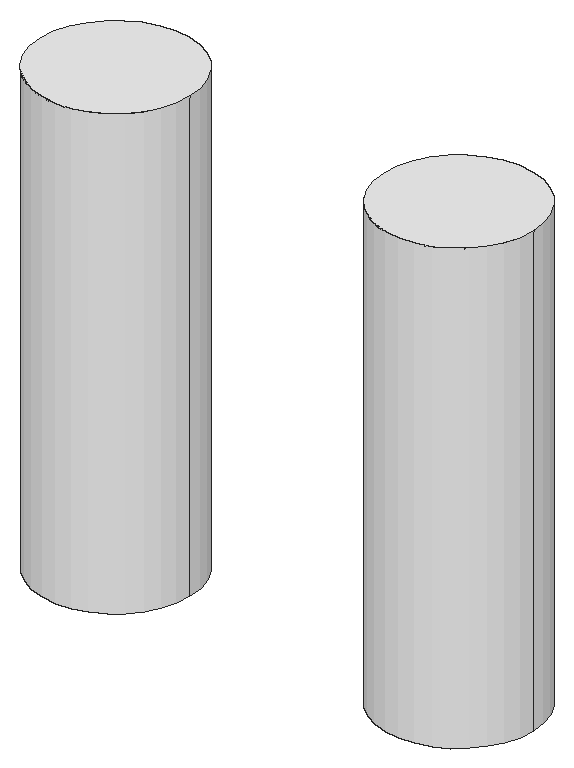
Revit family "51692293(2020)", category Plumbing Fixtures, Revit 2018
Family settings
  Round Connector Dimension = Use Diameter
  Part Type = Normal
  OmniClass Number = 23.45.55.00
  OmniClass Title = Sanitary Faucets, Wastes
  Work Plane-Based = No
  Always vertical = Yes
  Cut with Voids When Loaded = No
  Shared = No
  Room Calculation Point = No
Parameters (values of type "51692293 High washbasin faucet ")
  WorkingPressure = "50 - 1000 kPa"
  Working Pressure = "50 - 1000 kPa"
  WarrantyStartDate [instance] = "n/a"
  WarrantyGuarantorParts = "n/a"
  WarrantyGuarantorLabor = "n/a"
  WarrantyDurationUnit = "Year"
  WarrantyDurationParts = "n/a"
  WarrantyDurationLabor = "n/a"
  WarrantyDescription = "http://warranty.hansa.com"
  Warranty Information URL = "http://warranty.hansa.com"
  VersionDate = "01/07/2022"
  Version = "2"  # constant formula
  ValvePattern = "n/a"
  ValveOperation = "n/a"
  ValveMechanism = "n/a"
  Uniclass2015Reference = "Pr_40_20_87_96"
  Uniclass2015Description = "Washbasin manual water supply sets"
  Uniclass2 = "Pr_40_30_96_96"
  URL REACH = "http://static.hansa.com/doc/reach"
  URL Declaration of Conformity = "http://static.hansa.com/DoC/51692293"
  URL = ""
  UNSPSC Class Number = "30181700 Faucets or taps"
  TestPressure = "n/a"
  Technical DataSheet URL = "http://www.hansa.com/datasheet/51692293/en"
  TagNumber [instance] = "n/a"
  SustainabilityPerformance = "n/a"
  Surface treatment = "Chrome"
  Spout Type = "Fixed spout"
  Spout Projection = "171 mm"
  Spare-Part Information URL = "http://static.hansa.com/sp/51692293"
  Size = "50x212x341 mm"
  Shape = "Sculptured"
  SerialNumber [instance] = "n/a"
  Sales Package dimensions (LxWxH) = "620 x 330 x 90"
  Revision = "2"  # constant formula
  ReplacementCost = "n/a"
  ProductInformation = "Kitchen faucet with high spout."
  Product URL = "http://static.hansa.com/51692293"
  Product Image URL = "http://static.hansa.com/image/51692293"
  Product Family = "HANSADESIGNO Style "
  Product Code = "51692293"
  OperatingMechanismMaterial = "n/a"
  NominalWidth = 50 mm
  NominalHeight = 340.85 mm
  NominalDepth = 211.5 mm
  Noise Class = "I (ISO 3822)"
  Name_en = "51692293 High washbasin faucet"
  Name = "51692293 High washbasin faucet"
  NBSReference = "45-35-70/371"
  NBSDescription = "Water supply fittings for wash basins and troughs"
  Mounting Holes = "1 hole"
  ModelReference = "51692293"
  ModelNumber = "n/a"
  Model = "51692293 High washbasin faucet"
  Mobile Product Information URL = "http://mpi.hansa.com/51692293"
  Mechanical Parts = "ø 25 mm ceramic cartridge for flow and temperature control"
  Max. Hot Water Supply = 70 °C
  Material = "Brass"
  Market = "International;Germany;Austria;Belgium;Netherlands;France;Czech Republic;Slovakia;Italy;Spain"
  ManufacturerURL = "http://www.hansa.com"
  ManufacturerName = "HANSA"
  Manufacturer = "HANSA"
  Lever Handle = "Single operating lever/handle;Hot/Cold symbols"
  Keynote = ""
  Interactive AR View URL = "https://static.hansa.com/AR/51692293"
  InstallationDate [instance] = "n/a"
  Installation and Maintenance Guide URL = "http://static.hansa.com/manual/51692293"
  Installation Type = "Deck mounted"
  InletConnectionSize = 10 mm
  IfcExportType = "FAUCET"  # constant formula
  IfcExportAs = "IfcValveType"  # constant formula
  Group = "Washbasin faucet"
  Grade = "n/a"
  FlowCoefficient = 0
  Flow Rate At 300kPa With Flow Controller = 0.1 L/s
  Flow Drawing URL = "http://static.hansa.com/flowchart/51692293"
  Finish = "Polished"
  Features = "Single-lever"
  FaucetMainMaterial = Brass
  FDV Document URL = "http://www.hansa.com/datasheet/51692293/en/fdv"
  ExpectedLife = "n/a"
  Excluded Items = "Without pop-up waste;Without draw-rod opening"
  ETIM Class Number = "EC011328 Washbasin mixing tap"
  EN Standard = "EN 817"
  EAN Number = "4057304015120"
  DurationUnit = "Year"
  Dimension Drawing URL = "http://static.hansa.com/dimdrw/51692293"
  Description = ""
  DefaultElevation [instance] = 742.85 mm
  Constituents = "n/a"
  Connection Size = "G3/8"
  Connection = "Flexible inlet pipes"
  Color = "Chrome"
  CodePerformance = "n/a"
  CloseOffRating = 0
  Category = "Bathroom"
  Catalog Drawing URL = "http://static.hansa.com/catdrw/51692293"
  Brand = "HANSA"
  BodyMaterial = "Brass"
  Barcode [instance] = "n/a"
  Backflow Prevention EN1717 = "AA"
  BIMObjectName = "51692293(2020)"
  Author = "BIMStone"
  AssetType = "Fixed"
  AssetIdentifier [instance] = "n/a"
  Ambience photo = "http://static.hansa.com/ambience/51692293"
  Aerator = "PCA® - constant flow rate regardless of pressure variations"
  AccessibilityPerformance = "n/a"
  3D View = "https://static.hansa.com/3D/51692293"
  2D/3D/BIM Files URL = "http://static.hansa.com/bim/51692293"
Reference planes
  plane 1 "Center (Front/Back)": y = 0
  plane 2: z = 0
  plane 3 "Center (Left/Right)": x = 0
  plane 4: x = -25
  plane 5: z = 742.85
  plane 6: z = 712.85
  plane 7: y = -211.5
  plane 8: x = 25
  plane 9: z = 1083.7
Forms (mm)
  Extrusion 1, solid, material "Brass" <- "FaucetMainMaterial"
    sketch origin (0, -2.5, 0) x (1, 0, 0) y (0, 1, 0)
      loop
        circle (-11.5, -22.5) r 5
      loop
        circle (11.5, -22.5) r 5
    from 712.85 to 742.85
Dimensions and locks
  "DefaultElevation": plane 5 to level
  locked: plane 5 to plane 6 at 30
  equal spacing: plane 4, plane 3 "Center (Left/Right)", plane 8
  "NominalWidth": plane 4 to plane 8
  "NominalDepth": plane 7 to plane 1 "Center (Front/Back)"
  "NominalHeight": plane 9 to plane 5
  "InletConnectionSize": diameter of Extrusion 1 sketch curve  (x2)
  aligned and locked: level to plane 2
  aligned and locked: plane 5 to Extrusion 1
  aligned and locked: Extrusion 1 to plane 6
  aligned and locked: plane 9 to nested 2
  aligned and locked: plane 5 to nested 2
  aligned and locked: plane 7 to nested 2
Automatic sketch dimensions
  Extrusion 1 sketch curve to plane 3 "Center (Left/Right)" = 11.5 mm
  plane 3 "Center (Left/Right)" to Extrusion 1 sketch curve = 11.5 mm
  plane 1 "Center (Front/Back)" to Extrusion 1 sketch curve = 25 mm  (x2)
Nested families
  nested 1: "Symbol" at (0, 0, 0), type "Symbol", detail levels coarse
  nested 2: "51692293(2020)_p" at (0, 0, 742.85), Material 1 <- "FaucetMainMaterial", type "51692293(2020)_p"
    with Material 1 Brass
Connectors
  piping at (-11.5, -25, 712.85), diameter 10, driven by "InletConnectionSize"
    settings: on Extrusion 1, index 1, connector inside diameter 609.6 mm, connector length 0 mm, flow factor 0, pipe flow 0.0 L/s, pressure drop 0.0 Pa, fitting loss kfactor 0, connector angle 0.00°, fixture units 0, engagement length 0 mm, angle of deflection 0.00°, flow configuration 1, flow direction 1, fitting loss method 0, system type 19, joint type 0, gender type 0, connector reference index -1, connector utility 0, adjustable connector no, is connector primary yes, connector description ""
  piping at (11.5, -25, 712.85), diameter 10, driven by "InletConnectionSize"
    settings: on Extrusion 1, index 2, connector inside diameter 609.6 mm, connector length 0 mm, flow factor 0, pipe flow 0.0 L/s, pressure drop 0.0 Pa, fitting loss kfactor 0, connector angle 0.00°, fixture units 0, engagement length 0 mm, angle of deflection 0.00°, flow configuration 1, flow direction 1, fitting loss method 0, system type 20, joint type 0, gender type 0, connector reference index -1, connector utility 0, adjustable connector no, is connector primary no, connector description ""
Definition of nested family "Symbol"
  Reference planes
    plane 1: y = 0
    plane 2: x = 0
  Lines and regions (mm)
    detail lines
      curve 1: line (0, 0, 0) -> (0, -1.8, 0)
      curve 2: line (-0.4, -1.1, 0) -> (0.4, -1.1, 0)
      curve 3: line (-0.4, -1.4, 0) -> (0.4, -1.4, 0)
      curve 4: line (0.863, 0, 0) -> (-0.863, 0, 0)
      curve 5: circle (-1.163, 0, 0) r 0.3 normal (0, 0, -1)
      curve 6: circle (1.163, 0, 0) r 0.3 normal (0, 0, 1)
Definition of nested family "51692293(2020)_p"
  Parameters (values of type "51692293(2020)_p")
    Material 1 [instance] = none
  Reference planes
    plane 1 "Center (Front/Back)": y = 0
    plane 2: z = 0
    plane 3 "Center (Left/Right)": x = 0
  Forms (mm)
    Revolve 1, solid, material <- "Material 1", detail levels medium
      sketch origin (0, 0, 0) x (0, 1, 0) y (0, 0, 1)
        loop
          line (-25, 5) -> (-25, 0) -> (0, 0) -> (0, 5) -> (-5, 5) -> (-5, 340.85) -> (-25, 340.85) -> (-25, 5)
        axis (-25, 340.85) -> (-25, 0)
      angle from 0 to 360
    Extrusion 2, solid, material <- "Material 1", detail levels medium
      sketch origin (0, 0, 0) x (1, 0, 0) y (0, 0, 1)
        loop
          line (-10, 340.85) -> (-10, 328.857) -> (10, 328.857) -> (10, 340.85) -> (-10, 340.85)
      from 24.905 to 109.793
    Extrusion 3, solid, material <- "Material 1", detail levels medium
      sketch origin (0, 0, 0) x (1, 0, 0) y (0, 0, 1)
        loop
          circle (0, 280.378) r 12.925
      from 23.925 to 211.5
    Revolve 4, solid, material <- "Material 1", detail levels medium
      sketch origin (0, 0, 0) x (0, 1, 0) y (0, 0, 1)
        loop
          line (-196.407, 266.03) -> (-186.559, 264.294) -> (-184.892, 273.748) -> (-194.74, 275.485) -> (-196.407, 266.03)
        axis (-196.407, 266.03) -> (-194.74, 275.485)
      angle from 0 to 360
    Extrusion 5, solid, material <- "Material 1", detail levels coarse
      sketch origin (0, 0, 0) x (1, 0, 0) y (0, 1, 0)
        loop
          line (-25, 0) -> (-25, -211.5) -> (24.981, -211.5) -> (24.981, 0) -> (-25, 0)
      from 0 to 340.85
  Cuts and joins
    joined: Revolve 1, Extrusion 2
  Lines and regions (mm)
    symbolic lines, detail levels medium+fine
      curve 1: line (-9.5, -211.5, 0) -> (9.5, -211.5, 0)
      curve 2: arc (9.5, -211.5, 0) -> (11.673, -210.6, 0) -> (12.573, -208.427, 0) r 3.073
      curve 3: line (12.573, -208.427, 0) -> (12.573, -46.673, 0)
      curve 4: arc (-9.5, -211.5, 0) -> (-11.673, -210.6, 0) -> (-12.573, -208.427, 0) r 3.073
      curve 5: line (-12.573, -208.427, 0) -> (-12.573, -46.673, 0)
      curve 15: arc (12.573, -46.673, 0) -> (0, -0.065, 0) -> (-12.573, -46.673, 0) r 25
      curve 18: line (-20.25, 0, 5) -> (-25, 0, 5)
      curve 19: line (0, 0, 0) -> (-25, 0, 0)
      curve 20: line (-25, 0, 0) -> (-25, 0, 5)
      curve 21: line (-20.25, 0, 5) -> (-20.25, 0, 322.79)
      curve 22: arc (-20.25, 0, 322.79) -> (-20.192, 0, 322.935) -> (-20.05, 0, 323) r 0.211
      curve 23: line (-20.03, 0, 325.68) -> (-19.074, 0, 325.68)
      curve 24: arc (-19.074, 0, 325.68) -> (-19.633, 0, 324.49) -> (-20.132, 0, 323.274) r 25.817
      curve 25: arc (-20.132, 0, 323.274) -> (-20.137, 0, 323.123) -> (-20.05, 0, 323) r 0.235
      curve 28: arc (-20.232, 0, 325.882) -> (-20.173, 0, 325.739) -> (-20.03, 0, 325.68) r 0.202
      curve 29: line (-20.232, 0, 325.882) -> (-20.232, 0, 338.858)
      curve 30: arc (-20.232, 0, 338.858) -> (-19.645, 0, 340.27) -> (-18.23, 0, 340.85) r 1.992
      curve 31: line (-18.23, 0, 340.85) -> (0, 0, 340.85)
      curve 40: line (20.25, 0, 5) -> (25, 0, 5)
      curve 41: line (0, 0, 0) -> (25, 0, 0)
      curve 42: line (25, 0, 0) -> (25, 0, 5)
      curve 43: line (20.25, 0, 5) -> (20.25, 0, 322.79)
      curve 44: line (20.03, 0, 325.68) -> (19.074, 0, 325.68)
      curve 45: arc (19.074, 0, 325.68) -> (19.633, 0, 324.49) -> (20.132, 0, 323.274) r 25.817
      curve 48: line (20.232, 0, 325.882) -> (20.232, 0, 338.858)
      curve 49: arc (20.232, 0, 338.858) -> (19.645, 0, 340.27) -> (18.23, 0, 340.85) r 1.992
      curve 50: line (18.23, 0, 340.85) -> (0, 0, 340.85)
      curve 57: arc (20.232, 0, 325.882) -> (20.173, 0, 325.739) -> (20.03, 0, 325.68) r 0.202
      curve 58: arc (20.132, 0, 323.274) -> (20.137, 0, 323.123) -> (20.05, 0, 323) r 0.235
      curve 59: arc (20.25, 0, 322.79) -> (20.192, 0, 322.935) -> (20.05, 0, 323) r 0.211
      curve 62: line (0, -107.875, 340.85) -> (0, -6.633, 340.85)
      curve 63: arc (0, -6.633, 340.85) -> (0, -5.228, 340.268) -> (0, -4.646, 338.863) r 1.987
      curve 64: line (0, -4.646, 338.863) -> (0, -4.646, 325.68)
      curve 65: line (0, -4.646, 325.68) -> (0, -5.928, 325.68)
      curve 66: line (0, -4.729, 322.843) -> (0, -4.729, 5)
      curve 67: line (0, -4.729, 5) -> (0, 0, 5)
      curve 68: line (0, 0, 5) -> (0, 0, 0)
      curve 69: line (0, 0, 0) -> (0, -50, 0)
      curve 70: line (0, -50, 0) -> (0, -50, 5)
      curve 71: line (0, -50, 5) -> (0, -45.25, 5)
      curve 72: line (0, -45.25, 5) -> (0, -45.25, 262.214)
      curve 73: arc (0, -45.25, 262.214) -> (0, -46.95, 266.317) -> (0, -51.053, 268.017) r 5.803
      curve 74: line (0, -51.053, 268.017) -> (0, -185.659, 268.017)
      curve 75: line (0, -211.5, 271.036) -> (0, -211.5, 290.262)
      curve 76: arc (0, -208.493, 268.017) -> (0, -210.62, 268.905) -> (0, -211.5, 271.036) r 3.019
      curve 77: line (0, -51.25, 293.002) -> (0, -208.463, 293.002)
      curve 78: arc (0, -208.463, 293.002) -> (0, -210.509, 292.216) -> (0, -211.5, 290.262) r 3.053
      curve 79: arc (0, -45.223, 299.029) -> (0, -46.988, 294.767) -> (0, -51.25, 293.002) r 6.027
      curve 80: line (0, -45.223, 299.029) -> (0, -45.223, 322.843)
      curve 81: arc (0, -45.223, 322.843) -> (0, -44.751, 324.302) -> (0, -44.077, 325.68) r 10.788
      curve 82: line (0, -44.077, 325.68) -> (0, -44.917, 325.68)
      curve 83: arc (0, -44.917, 325.68) -> (0, -45.079, 325.747) -> (0, -45.146, 325.908) r 0.229
      curve 84: line (0, -45.146, 325.908) -> (0, -45.146, 328.58)
      curve 85: arc (0, -45.146, 328.58) -> (0, -46.304, 331.376) -> (0, -49.101, 332.534) r 3.955
      curve 86: line (0, -49.101, 332.534) -> (0, -104.101, 332.534)
      curve 87: arc (0, -104.101, 332.534) -> (0, -108.205, 334.234) -> (0, -109.904, 338.338) r 5.804
      curve 88: arc (0, -109.904, 338.338) -> (0, -109.334, 339.953) -> (0, -107.875, 340.85) r 2.569
      curve 91: arc (0, -5.928, 325.68) -> (0, -5.271, 324.285) -> (0, -4.729, 322.843) r 19.061
      curve 94: line (0, -186.511, 264.285) -> (0, -206.305, 267.776)
      curve 95: arc (0, -206.305, 267.776) -> (0, -206.44, 267.861) -> (0, -206.476, 268.017) r 0.209
      curve 96: arc (0, -186.29, 264.44) -> (0, -186.368, 264.317) -> (0, -186.511, 264.285) r 0.19
      curve 97: line (0, -186.29, 264.44) -> (0, -185.659, 268.017)
      curve 99: line (0, -206.476, 268.017) -> (0, -208.493, 268.017)
    symbolic lines, detail levels fine
      curve 6: line (-8.487, -45.711, 0) -> (-8.487, -48.58, 0)
      curve 7: line (8.513, -46.16, 0) -> (8.513, -48.571, 0)
      curve 8: arc (-8.487, -101.44, 0) -> (0.013, -109.94, 0) -> (8.513, -101.44, 0) r 8.5
      curve 9: line (-8.487, -48.58, 0) -> (-8.487, -101.44, 0)
      curve 10: line (8.513, -48.571, 0) -> (8.513, -101.44, 0)
      curve 11: arc (8.513, -48.571, 0) -> (10.585, -47.713, 0) -> (12.573, -46.673, 0) r 25
      curve 12: arc (-10.376, -42.285, 0) -> (-8.991, -43.755, 0) -> (-8.487, -45.711, 0) r 4.051
      curve 13: arc (10.376, -42.285, 0) -> (8.888, -43.955, 0) -> (8.513, -46.16, 0) r 4.051
      curve 14: arc (10.376, -42.285, 0) -> (0, -6.424, 0) -> (-10.376, -42.285, 0) r 19.432
      curve 16: arc (-12.573, -46.673, 0) -> (-10.573, -47.719, 0) -> (-8.487, -48.58, 0) r 25
      curve 17: line (-20.25, 0, 5) -> (0, 0, 5)
      curve 26: line (-19.074, 0, 325.68) -> (0, 0, 325.68)
      curve 27: line (-20.05, 0, 323) -> (0, 0, 323)
      curve 32: arc (-6.492, 0, 340.85) -> (-7.904, 0, 340.265) -> (-8.489, 0, 338.853) r 1.997
      curve 33: arc (-8.489, 0, 338.853) -> (-7.03, 0, 334.234) -> (-2.487, 0, 332.55) r 5.513
      curve 34: line (-2.487, 0, 332.55) -> (0, 0, 332.55)
      curve 35: spline (0, 0, 297.609) -> (-3.882, 0, 296.986) -> (-7.5, 0, 295.159) -> (-10.607, 0, 292.253) -> (-12.99, 0, 288.466) -> (-14.489, 0, 284.055) -> (-15, 0, 279.322) -> (-14.489, 0, 274.589) -> (-12.99, 0, 270.179) -> (-10.607, 0, 266.391) -> (-7.5, 0, 263.485) -> (-3.882, 0, 261.658) -> (0, 0, 261.035)
      curve 36: circle (0, 0, 280.581) r 12.471 normal (0, -1, 0)
      curve 37: circle (0, 0, 280.581) r 10 normal (0, -1, 0)
      curve 38: spline (-10.319, 0, 266.189) -> (-9.967, 0, 266.646) -> (-8.936, 0, 267.072) -> (-7.297, 0, 267.437) -> (-5.159, 0, 267.718) -> (-2.671, 0, 267.894) -> (0, 0, 267.954) -> (2.671, 0, 267.894) -> (5.159, 0, 267.718) -> (7.297, 0, 267.437) -> (8.936, 0, 267.072) -> (9.967, 0, 266.646) -> (10.319, 0, 266.189) -> (9.967, 0, 265.732) -> (8.936, 0, 265.307) -> (7.297, 0, 264.941) -> (5.159, 0, 264.661) -> (2.671, 0, 264.484) -> (0, 0, 264.424) -> (-2.671, 0, 264.484) -> (-5.159, 0, 264.661) -> (-7.297, 0, 264.941) -> (-8.936, 0, 265.307) -> (-9.967, 0, 265.732) -> (-10.319, 0, 266.189)
      curve 39: line (20.25, 0, 5) -> (0, 0, 5)
      curve 46: line (19.074, 0, 325.68) -> (0, 0, 325.68)
      curve 47: line (20.05, 0, 323) -> (0, 0, 323)
      curve 51: arc (6.492, 0, 340.85) -> (7.904, 0, 340.265) -> (8.489, 0, 338.853) r 1.997
      curve 52: arc (8.489, 0, 338.853) -> (7.03, 0, 334.234) -> (2.487, 0, 332.55) r 5.513
      curve 53: line (2.487, 0, 332.55) -> (0, 0, 332.55)
      curve 54: spline (0, 0, 297.609) -> (3.882, 0, 296.986) -> (7.5, 0, 295.159) -> (10.607, 0, 292.253) -> (12.99, 0, 288.466) -> (14.489, 0, 284.055) -> (15, 0, 279.322) -> (14.489, 0, 274.589) -> (12.99, 0, 270.179) -> (10.607, 0, 266.391) -> (7.5, 0, 263.485) -> (3.882, 0, 261.658) -> (0, 0, 261.035)
      curve 55: circle (0, 0, 280.581) r 10 normal (0, 1, 0)
      curve 56: spline (10.319, 0, 266.189) -> (9.967, 0, 266.646) -> (8.936, 0, 267.072) -> (7.297, 0, 267.437) -> (5.159, 0, 267.718) -> (2.671, 0, 267.894) -> (0, 0, 267.954) -> (-2.671, 0, 267.894) -> (-5.159, 0, 267.718) -> (-7.297, 0, 267.437) -> (-8.936, 0, 267.072) -> (-9.967, 0, 266.646) -> (-10.319, 0, 266.189) -> (-9.967, 0, 265.732) -> (-8.936, 0, 265.307) -> (-7.297, 0, 264.941) -> (-5.159, 0, 264.661) -> (-2.671, 0, 264.484) -> (0, 0, 264.424) -> (2.671, 0, 264.484) -> (5.159, 0, 264.661) -> (7.297, 0, 264.941) -> (8.936, 0, 265.307) -> (9.967, 0, 265.732) -> (10.319, 0, 266.189)
      curve 60: line (10.319, 0, 266.189) -> (10.319, 0, 273.578)
      curve 61: line (-10.319, 0, 266.189) -> (-10.319, 0, 273.578)
      curve 89: line (0, -5.928, 325.68) -> (0, -44.077, 325.68)
      curve 90: line (0, -45.223, 322.843) -> (0, -4.729, 322.843)
      curve 92: arc (0, -45.223, 299.029) -> (0, -38.597, 280.505) -> (0, -45.25, 261.991) r 29.148
      curve 93: line (0, -4.729, 5) -> (0, -45.25, 5)
      curve 98: line (0, -185.659, 268.017) -> (0, -206.476, 268.017)
  Dimensions and locks
    aligned and locked: level to plane 2
